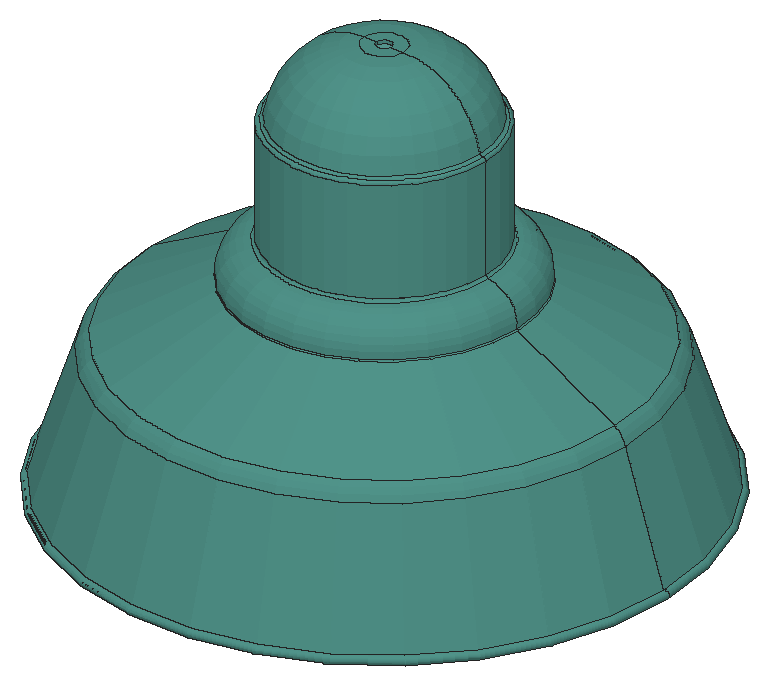
Revit family "SBW10720 SHADE", category Lighting Fixtures, Revit 2024
Family settings
  Round Connector Dimension = Use Diameter
  Part Type = Normal
  OmniClass Number = 23.80.70.00
  OmniClass Title = Lighting
  Work Plane-Based = No
  Always vertical = Yes
  Cut with Voids When Loaded = No
  Light Source = Yes
  Maintain Annotation Orientation = No
  Shared = No
  Room Calculation Point = No
Parameters
  Wattage = 12.1178 W
  built-in parameter 1150110 = 1 (stored number, unit not read)
  built-in parameter 1114217 = 1 (stored number, unit not read)
  built-in parameter 1150109 = 1 (stored number, unit not read)
  built-in parameter 1150134 = (empty or 0)
  built-in parameter 1150113 = 1 (stored number, unit not read)
  Lumens = 1800 lm
  built-in parameter 1150115 = 1 (stored number, unit not read)
  built-in parameter 1150105 = 572.96 (stored number, unit not read)
  Light Source Symbol Size = 2' - 0"
  built-in parameter 1150137 = (empty or 0)
  built-in parameter 1150139 = (empty or 0)
  built-in parameter 1150112 = 1 (stored number, unit not read)
  built-in parameter 1150114 = 1 (stored number, unit not read)
  built-in parameter 1150132 = 2
  built-in parameter 1150102 = (empty or 0)
  built-in parameter 1150138 = (empty or 0)
  built-in parameter 1150107 = 3000 (stored number, unit not read)
  built-in parameter 1150106 = 5.7296 (stored number, unit not read)
  built-in parameter 1150104 = 13.8 (stored number, unit not read)
  Dimming Lamp Color Temperature Shift = (empty or 0)
  Default Elevation = 0' - 0"
  Color Filter = 16777215
  built-in parameter 1114218 = 1 (stored number, unit not read)
  built-in parameter 1150133 = 10 (stored number, unit not read)
Reference planes (in)
  plane 1 "Light Source Axis (F/B)": y = 0
  plane 2: z = 0
  plane 3 "Light Source Axis (L/R)": x = 0
  plane 4 "Light Source Elevation": z = 54
Forms (in)
  Revolve 1, solid
    sketch origin (0, 0, 0) x (1, 0, 0) y (0, 0, 1)
      loop
        arc (-9.82376, 54.27667) -> (-9.99885, 54.15858) -> (-9.85937, 54) r 0.14063
        arc (-9.85937, 54) -> (-9.8125, 54.04687) -> (-9.85937, 54.09375) r 0.04688
        arc (-9.85937, 54.09375) -> (-9.90587, 54.14661) -> (-9.8475, 54.18597) r 0.04688
        line (-9.8475, 54.18597) -> (-9.73475, 54.24725) -> (-8.402, 58.27955)
        arc (-8.402, 58.27955) -> (-8.26369, 58.53608) -> (-8.05914, 58.74366) r 1.03125
        line (-8.05914, 58.74366) -> (-4.6366, 60.55389)
        arc (-4.6366, 60.55389) -> (-4.58543, 60.60938) -> (-4.56943, 60.68314) r 0.14375
        arc (-4.56943, 60.68314) -> (-4.34139, 61.43456) -> (-3.64586, 61.79906) r 1.01613
        arc (-3.64586, 61.79906) -> (-3.51974, 61.8611) -> (-3.46875, 61.99209) r 0.19375
        line (-3.46875, 61.99209) -> (-3.46875, 65.5571)
        arc (-3.46875, 65.5571) -> (-3.33111, 65.58893) -> (-3.25166, 65.70575) r 0.19375
        arc (-3.25166, 65.70575) -> (-2.37275, 67.27211) -> (-0.6875, 67.8933) r 2.59658
        line (-0.6875, 67.8933) -> (-0.25, 67.8933) -> (-0.25, 67.98705) -> (-0.6875, 67.98705)
        arc (-0.6875, 67.98705) -> (-2.43222, 67.34461) -> (-3.34367, 65.72409) r 2.69033
        arc (-3.34367, 65.72409) -> (-3.38364, 65.66658) -> (-3.45153, 65.6494) r 0.1
        arc (-3.45153, 65.6494) -> (-3.52922, 65.62449) -> (-3.5625, 65.55) r 0.1
        line (-3.5625, 65.55) -> (-3.5625, 61.99209)
        arc (-3.5625, 61.99209) -> (-3.58882, 61.92448) -> (-3.65391, 61.89246) r 0.1
        arc (-3.65391, 61.89246) -> (-4.41266, 61.49548) -> (-4.66299, 60.67657) r 1.10988
        arc (-4.66299, 60.67657) -> (-4.66842, 60.653) -> (-4.68428, 60.63473) r 0.05
        line (-4.68428, 60.63473) -> (-8.10965, 58.823)
        arc (-8.10965, 58.823) -> (-8.33722, 58.59431) -> (-8.49053, 58.31043) r 1.125
        line (-8.49053, 58.31043) -> (-9.82376, 54.27667)
      axis (0, 67.98705) -> (0, 54)
    angle from 0 to 360
Dimensions and locks (in)
  aligned and locked: plane 3 "Light Source Axis (L/R)" to imposter light
  aligned and locked: plane 1 "Light Source Axis (F/B)" to imposter light
  aligned and locked: plane 4 "Light Source Elevation" to imposter light
  aligned and locked: level to plane 2
